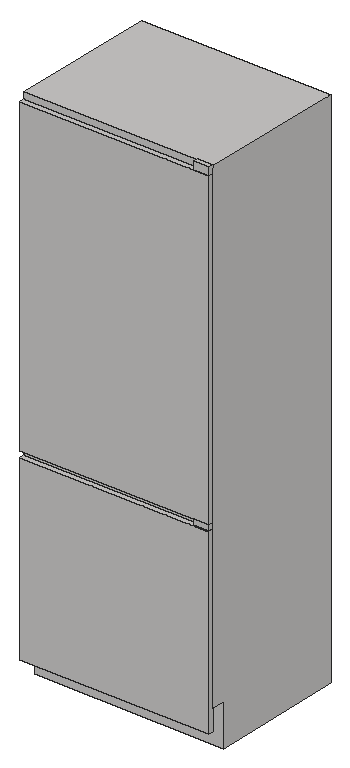
Revit family "RB 472704", category Generic Models, Revit 2014
Parameters (values of type "RB472705")
  Width = 756 mm
  URL = "http://www.gaggenau.com."
  Model = "RB472705"
  Manufacturer = "Gaggenau"
  Height = 2125 mm
  Handle = Metal Panel
  Fridge = Metal Panel
  Door = Metal Panel
  Description = "Gaggenau 30\" Bottom Mount Freezer, LED lighting"
  Depth = 608 mm
Reference planes
  plane 1 "Center (Front/Back)": y = 0
  plane 2: z = 0
  plane 3 "Center (Left/Right)": x = 0
  plane 4: z = 2125
  plane 5: x = -378
  plane 6: x = 378
  plane 7: y = 266.012
  plane 8: y = -341.988
  plane 9: z = 181
  plane 10: z = 102
  plane 11: z = 14.093
  plane 12: z = 824
  plane 13: z = 827
  plane 14: z = 2131
  plane 15: z = 847
  plane 16: z = 2101
  plane 17: y = -268.988
  plane 18: y = -321.988
  plane 19: x = -5
  plane 20: x = 5
  plane 21: x = 317.794
Forms (mm)
  Extrusion 1, solid, material "Metal Panel" <- "Fridge"
    sketch origin (0, 0, 0) x (0, 1, 0) y (0, 0, 1)
      loop
        line (266.012, 2125) -> (-321.988, 2125) -> (-321.988, 181) -> (-268.988, 181) -> (-268.988, 14.093) -> (266.012, 14.093) -> (266.012, 2125)
    from -378 to 378
  Extrusion 2, solid, material "Metal Panel" <- "Door"
    sketch origin (0, 0, 0) x (1, 0, 0) y (0, 0, 1)
      loop
        line (-378, 97.546) -> (378, 97.546) -> (378, 824) -> (-378, 824) -> (-378, 97.546)
      loop
        line (-378, 2101) -> (-378, 847) -> (378, 847) -> (378, 2101) -> (-378, 2101)
    from 321.988 to 341.988
  Extrusion 3, solid, material "Metal Panel" <- "Door"
    sketch origin (0, 0, 0) x (1, 0, 0) y (0, 0, 1)
      loop
        line (378, 2131) -> (317.794, 2131) -> (317.794, 2101) -> (378, 2101) -> (378, 2131)
      loop
        line (378, 847) -> (317.794, 847) -> (317.794, 827) -> (378, 827) -> (378, 847)
    from 321.988 to 341.988
  Extrusion 4, solid, material "Metal Panel" <- "Fridge"
    sketch origin (0, 0, 0) x (1, 0, 0) y (0, 1, 0)
      loop
        circle (-346.403, -159.898) r 11.868
      loop
        circle (-346.403, 159.898) r 11.868
      loop
        circle (346.403, -159.898) r 11.868
      loop
        circle (346.403, 159.898) r 11.868
    from 0 to 14.093
Dimensions and locks
  "Width": plane 5 to plane 6
  plane 7 to plane 8 = 608 mm  (x2)
  plane 4 to plane 2 = 2125 mm
  plane 9 to plane 2 = 181 mm
  plane 10 to plane 2 = 102 mm
  plane 12 to plane 10 = 722 mm
  plane 13 to plane 12 = 3 mm
  plane 14 to plane 13 = 1304 mm
  plane 15 to plane 13 = 20 mm
  plane 14 to plane 16 = 30 mm
  plane 17 to plane 8 = 73 mm
  equal spacing: plane 20, plane 3 "Center (Left/Right)", plane 19
  plane 6 to plane 21 = 60.206 mm
  equal spacing: plane 5, plane 3 "Center (Left/Right)", plane 6
  aligned and locked: level to plane 2
  aligned and locked: plane 5 to Extrusion 1
  aligned and locked: plane 6 to Extrusion 1
  aligned and locked: Extrusion 2 to plane 8
  aligned and locked: Extrusion 2 to Extrusion 1
  aligned and locked: Extrusion 3 to plane 8
  aligned and locked: Extrusion 3 to Extrusion 1
Automatic sketch dimensions
  Extrusion 1 sketch curve to plane 4 = 0 mm
  Extrusion 1 sketch curve to plane 18 = 0 mm
  Extrusion 1 sketch curve to plane 9 = 0 mm
  Extrusion 1 sketch curve to plane 17 = 0 mm
  Extrusion 1 sketch curve to plane 7 = 0 mm
  Extrusion 1 sketch curve to plane 11 = 0 mm
  Extrusion 3 sketch curve to plane 14 = 0 mm
  Extrusion 3 sketch curve to plane 21 = 0 mm
  Extrusion 3 sketch curve to plane 15 = 0 mm
  plane 21 to Extrusion 3 sketch curve = 0 mm
  Extrusion 3 sketch curve to plane 6 = 0 mm  (x2)
  Extrusion 3 sketch curve to plane 16 = 0 mm
  plane 12 to Extrusion 3 sketch curve = 3 mm
  Extrusion 4 sketch curve to plane 5 = 31.597 mm  (x2)
  plane 21 to Extrusion 4 sketch curve = 28.608 mm  (x2)
  Extrusion 4 sketch curve to plane 17 = 109.089 mm  (x2)
  Extrusion 4 sketch curve to plane 7 = 106.114 mm  (x2)
  plane 5 to Extrusion 2 sketch curve = 0 mm  (x2)
  Extrusion 2 sketch curve to plane 6 = 0 mm  (x2)
  Extrusion 2 sketch curve to plane 12 = 0 mm
  Extrusion 2 sketch curve to plane 15 = 0 mm
  Extrusion 2 sketch curve to plane 16 = 0 mm
  Extrusion 2 sketch curve to plane 10 = 4.454 mm
  radius of Extrusion 4 sketch curve = 11.868 mm  (x4)
